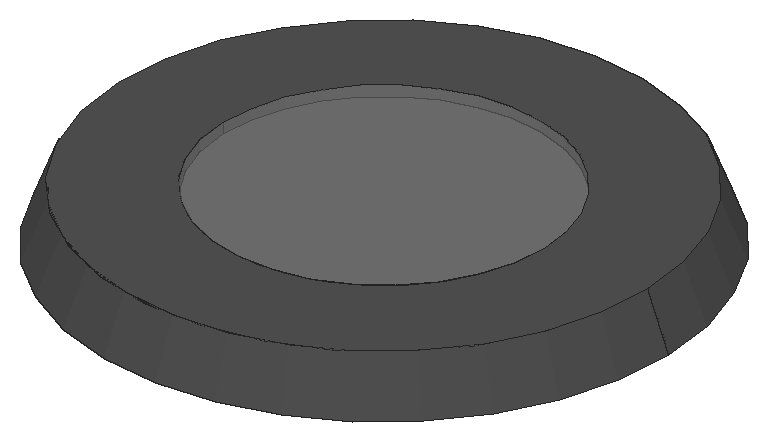
Revit family "Iluminação de caminho - Redonda embutida - Com base no chão", category Luminárias, Revit 2019
Family settings
  Hospedeiro = Piso
  Cota do conector redondo = Utilizar diâmetro
  Tipo de parte = Normal
  Sempre na vertical = Sim
  Corte com vazios quando carregada = Não
  Fonte luminosa = Sim
  Compartilhado = Não
  Ponto de cálculo do ambiente = Não
Parameters
  Wattage = 15 W
  built-in parameter 1150110 = 1 (stored number, unit not read)
  built-in parameter 1114217 = 1 (stored number, unit not read)
  Espessura = 10 mm
  built-in parameter 1150109 = 1 (stored number, unit not read)
  built-in parameter 1150134 = 3
  built-in parameter 1150113 = 1 (stored number, unit not read)
  Material de sombra = Vidro, Branco, Alta Luminosidade
  R3 = R2 - 20 mm  # 31 mm
  R2 = Diâmetro interno / 2  # 51 mm
  R1 = Diâmetro externo / 2  # 55 mm
  Diâmetro externo = 110 mm
  built-in parameter 1150105 = 709.24 (stored number, unit not read)
  Lumens = 2228.13 lm
  built-in parameter 1150115 = 1 (stored number, unit not read)
  Light Source Symbol Size = 609.6 mm
  built-in parameter 1150137 = (empty or 0)
  built-in parameter 1150139 = (empty or 0)
  Material da luminária = Metal - Cromo
  built-in parameter 1150112 = 1 (stored number, unit not read)
  built-in parameter 1150114 = 1 (stored number, unit not read)
  Diâmetro interno = Diâmetro externo - 8 mm  # 102 mm
  built-in parameter 1150132 = (empty or 0)
  built-in parameter 1150102 = (empty or 0)
  built-in parameter 1150107 = 3200 (stored number, unit not read)
  built-in parameter 1150138 = (empty or 0)
  built-in parameter 1150106 = 7.0924 (stored number, unit not read)
  built-in parameter 1150104 = 13.8 (stored number, unit not read)
  Dimming Lamp Color Temperature Shift = (empty or 0)
  Linear = 112 mm
  Color Filter = 16777215
  built-in parameter 1114218 = 1 (stored number, unit not read)
  built-in parameter 1150133 = 10 (stored number, unit not read)
Reference planes
  plane 1 "Centro (Frente/Trás)": y = 0
  plane 2: z = 0
  plane 3 "Centro (Esquerda/Direita)": x = 0
  plane 4: z = -112
  plane 5: z = 0
  plane 6: z = -110
  plane 7: z = 10
  plane 8: z = 8
Forms (mm)
  Blend 1, solid, material "Metal - Cromo" <- "Material da luminária"
    base sketch origin (0, 0, 0) x (1, 0, 0) y (0, 1, 0)
      loop
        circle (0, 0) r 55
    top sketch origin (0, 0, 0) x (1, 0, 0) y (0, 1, 0)
      loop
        circle (0, 0) r 51
    from 0 to 10
  Extrusion 2, void
    sketch origin (0, 0, 0) x (1, 0, 0) y (0, 1, 0)
      loop
        circle (0, 0) r 31
    from 8 to 10
  Extrusion 3, solid, material "Vidro, Branco, Alta Luminosidade" <- "Material de sombra"
    sketch origin (0, 0, 0) x (1, 0, 0) y (0, 1, 0)
      loop
        circle (0, 0) r 31
    from 8 to 10
Cuts and joins
  Extrusion 2 cuts Blend 1
Lines and regions (mm)
  Opening 1
    outline origin (2000, 2000, 0) x (0, 1, 0) y (-1, 0, 0)
      loop
        circle (-2000, 2000) r 51
Dimensions and locks
  "Linear": plane 4 to plane 5
  locked: plane 4 to plane 6 at 2
  "Espessura": plane 5 to plane 7
  locked: plane 7 to plane 8 at 2
  "R1": radius of Blend 1 sketch curve
  "R2": radius of Blend 1 sketch curve
  "R3": radius of Extrusion 2 sketch curve
  "R3": radius of Extrusion 3 sketch curve
  "R2": radius of Opening 1 sketch curve
  aligned and locked: level to plane 2
  aligned and locked: level to plane 5
  aligned and locked: plane 1 "Centro (Frente/Trás)" to Blend 1 sketch curve  (x2)
  aligned and locked: plane 3 "Centro (Esquerda/Direita)" to Blend 1 sketch curve  (x2)
  aligned and locked: Blend 1 to level
  aligned and locked: plane 7 to Blend 1
  aligned and locked: plane 1 "Centro (Frente/Trás)" to Extrusion 2 sketch curve
  aligned and locked: plane 3 "Centro (Esquerda/Direita)" to Extrusion 2 sketch curve
  aligned and locked: plane 7 to Extrusion 2
  aligned and locked: plane 1 "Centro (Frente/Trás)" to Extrusion 3 sketch curve
  aligned and locked: plane 3 "Centro (Esquerda/Direita)" to Extrusion 3 sketch curve
  aligned and locked: plane 7 to Extrusion 3
  aligned and locked: plane 1 "Centro (Frente/Trás)" to Opening 1 sketch curve
  aligned and locked: imposter light to Opening 1 sketch curve
  aligned and locked: imposter light to plane 3 "Centro (Esquerda/Direita)"
  aligned and locked: imposter light to plane 8
  aligned and locked: imposter light to plane 1 "Centro (Frente/Trás)"
Automatic sketch dimensions
  Extrusion 2 sketch curve to plane 3 "Centro (Esquerda/Direita)" = 0 mm
